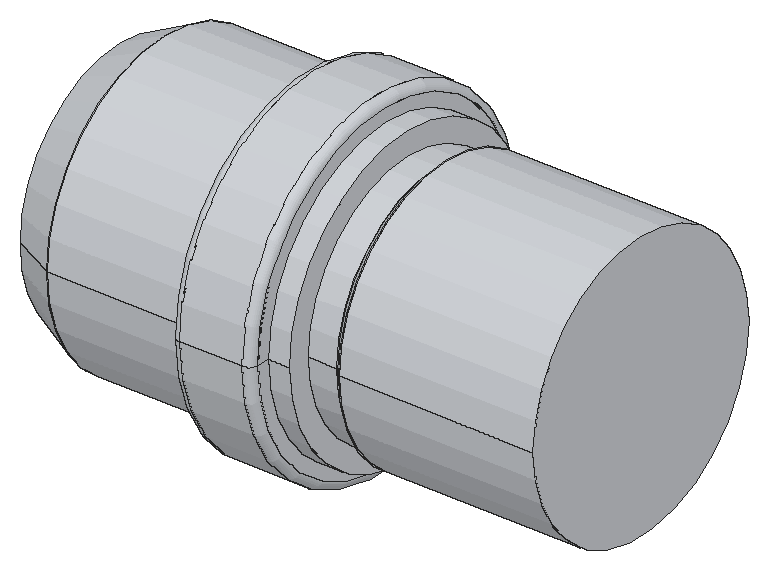
Revit family "RAUPIANO PLUS Adaptor to PVC", category Pipe Fittings, Revit 2012
Parameters (values of type "Standard")
  tmin 1 [instance] = size_lookup("RAUPIANO Pipe.csv", "tmin", 0.32 * Nominal Diameter 1 + 25.4 mm, Nominal Diameter 1)  # 42.3 mm
  t [instance] = 33 mm  # constant formula
  r2 [instance] = d2 / 2  # 21.425 mm
  r1 [instance] = d1 / 2  # 20 mm
  l2min [instance] = size_lookup(Lookup Table Name, "l2min", 0 mm, Nominal Diameter 1, Nominal Diameter 2)  # 31 mm
  l1min [instance] = size_lookup(Lookup Table Name, "l1min", 0 mm, Nominal Diameter 1, Nominal Diameter 2)  # 47 mm
  k [instance] = if(d1 > d2, (d1 - d2) / 2, (d2 - d1) / 2)  # 1.425 mm
  d2 [instance] = size_lookup(Lookup Table Name, "D", 0 mm, Nominal Diameter 1, Nominal Diameter 2)  # 42.85 mm
  d1 [instance] = size_lookup(Lookup Table Name, "d", 0 mm, Nominal Diameter 1, Nominal Diameter 2)  # 40 mm
  bmin 1 [instance] = size_lookup("RAUPIANO Pipe.csv", "bmin", 0.037 * Nominal Diameter 1 + 1.1 mm, Nominal Diameter 1)  # 3.5 mm
  Type Comments = "PVC; Push-fit / Solvent cement; White"  # constant formula
  T4 = "DN 90/82"
  T3 = "DN 75/69"
  T2 = "DN 50/56"
  T1 = "DN 40/43"
  Spec Text [instance] = if(and(D1 = 40 mm, D2 = 43 mm), T1, if(and(D1 = 50 mm, D2 = 56 mm), T2, if(and(D1 = 75 mm, D2 = 69 mm), T3, if(and(D1 = 90 mm, D2 = 82 mm), T4, Fail))))  # "DN 40/43"
  Sleeve Radius 1 [instance] = (Dmax 1 + d1) / 4  # 23.5 mm
  Pressure resistance [instance] = "1 bar (100 kPa, 10m)"  # constant formula
  Nominal Radius 2 [instance] = 21.5 mm
  Nominal Radius 1 [instance] = 20 mm
  Nominal Diameter 2 [instance] = Nominal Radius 2 * 2  # 43 mm
  Nominal Diameter 1 [instance] = Nominal Radius 1 * 2  # 40 mm
  Materialcode SAP [instance] = if(and(D1 = 40 mm, D2 = 43 mm), M1, if(and(D1 = 50 mm, D2 = 56 mm), M2, if(and(D1 = 75 mm, D2 = 69 mm), M3, if(and(D1 = 90 mm, D2 = 82 mm), M4, Fail))))  # "11230091001"
  Manufacturer = "REHAU"  # constant formula
  M4 = "11230171001"
  M3 = "11230161001"
  M2 = "11230121001"
  M1 = "11230091001"
  Lookup Table Name = "RAUPIANO Adaptor to PVC.csv"
  Fail = "No article found"
  Dmax 1 [instance] = size_lookup("RAUPIANO Pipe.csv", "Dmax", 1.15 * Nominal Diameter 1 + 4.2 mm, Nominal Diameter 1)  # 54 mm
  Description = "REHAU RAUPIANO PLUS PVC adaptor"  # constant formula
  D2 [instance] = Nominal Diameter 2  # 43 mm
  D1 [instance] = Nominal Diameter 1  # 40 mm
  Belt Thickness 1 [instance] = Dmax 1 / 2 - Sleeve Radius 1  # 3.5 mm
  Belt Radius 1 [instance] = (Dmax 1 / 2 - Sleeve Radius 1) / 2.5  # 1.4 mm
  Belt Length 1 [instance] = (3 mm / 10 mm) * tmin 1  # 12.69 mm
  BL [instance] = 153 mm  # constant formula
  Article No [instance] = if(and(D1 = 40 mm, D2 = 43 mm), A1, if(and(D1 = 50 mm, D2 = 56 mm), A2, if(and(D1 = 75 mm, D2 = 69 mm), A3, if(and(D1 = 90 mm, D2 = 82 mm), A4, Fail))))  # "123009-001"
  A4 = "123017-001"
  A3 = "123016-001"
  A2 = "123012-001"
  A1 = "123009-001"
Reference planes
  plane 1 "Center (Front/Back)": y = 0
  plane 2: z = 0
  plane 3 "Center (Left/Right)": x = 0
  plane 4: x = -48.425
  plane 5: x = -1.425
  plane 6: x = 31
  plane 7: y = 21.425
  plane 8: y = -21.425
  plane 9: y = 20
  plane 10: y = -20
  plane 11: x = -6.125
  plane 12: x = -51.925
  plane 13: x = -9.625
  plane 14: x = -22.315
  plane 15: x = -44.925
  plane 16: y = 23.5
  plane 17: z = 20
  plane 18: z = -20
  plane 19: z = 21.5
  plane 20: z = -21.5
Forms (mm)
  Extrusion 1, solid, detail levels fine
    sketch origin (-48.425, 2000, 1200) x (0, 1, 0) y (0, 0, 1)
      loop
        circle (-2000, -1200) r 21.425
    from 48.425 to 79.425
  Blend 2, solid, detail levels fine
    base sketch origin (-1.425, 2000, 1200) x (0, 1, 0) y (0, 0, 1)
      loop
        circle (-2000, -1200) r 21.5
    top sketch origin (-1.425, 2000, 1200) x (0, 1, 0) y (0, 0, 1)
      loop
        circle (-2000, -1200) r 20
    from 1.425 to 0
  Extrusion 3, solid, detail levels fine
    sketch origin (0, 0, 0) x (0, 1, 0) y (0, 0, 1)
      loop
        circle (0, 0) r 20
    from -1.425 to -6.125
  Extrusion 4, solid, detail levels fine
    sketch origin (0, 0, 0) x (0, 1, 0) y (0, 0, 1)
      loop
        circle (0, 0) r 23.5
    from -44.925 to -6.125
  Blend 5, solid, detail levels fine
    base sketch origin (0, 0, 0) x (0, 1, 0) y (0, 0, 1)
      loop
        circle (0, 0) r 23.5
    top sketch origin (0, 0, 0) x (0, 1, 0) y (0, 0, 1)
      loop
        circle (0, 0) r 20
    from -44.925 to -51.925
  Revolve 6, solid, detail levels fine
    sketch origin (0, 0, 0) x (1, 0, 0) y (0, 1, 0)
      loop
        line (-22.315, 23.5) -> (-9.625, 23.5) -> (-9.625, 25.6)
        arc (-9.625, 25.6) -> (-10.035, 26.59) -> (-11.025, 27) r 1.4
        line (-11.025, 27) -> (-20.915, 27)
        arc (-20.915, 27) -> (-21.905, 26.59) -> (-22.315, 25.6) r 1.4
        line (-22.315, 25.6) -> (-22.315, 23.5)
      axis (-9.625, 0) -> (-22.315, 0)
    angle from 0 to 360
Lines and regions (mm)
  model lines, detail levels coarse+medium
    curve 1: line (-51.925, 0, 0) -> (31, 0, 0)
    curve 2: line (-51.925, 20, 0) -> (-51.925, -20, 0)
    curve 3: line (31, 21.425, 0) -> (31, -21.425, 0)
  model lines, style "Symbol", detail levels coarse+medium
    curve 4: line (-51.925, 0, 20) -> (-51.925, 0, -20)
    curve 5: line (31, 0, 21.5) -> (31, 0, -21.5)
Dimensions and locks
  "k": plane 5 to plane 3 "Center (Left/Right)"
  "l1min": plane 4 to plane 5
  "l2min": plane 3 "Center (Left/Right)" to plane 6
  "d2": plane 7 to plane 8
  equal spacing: plane 7, plane 1 "Center (Front/Back)", plane 8
  equal spacing: plane 9, plane 1 "Center (Front/Back)", plane 10
  "d1": plane 9 to plane 10
  "bmin 1": plane 13 to plane 11
  "Belt Length 1": plane 14 to plane 13
  equal spacing: plane 12, plane 4, plane 15
  "bmin 1": plane 4 to plane 15
  "Sleeve Radius 1": plane 1 "Center (Front/Back)" to plane 16
  "Belt Thickness 1": Revolve 6 sketch curve to Revolve 6 sketch curve
  "tmin 1": plane 4 to plane 11
  equal spacing: plane 17, level, plane 18
  "Nominal Radius 1": level to plane 18
  equal spacing: plane 19, level, plane 20
  "Nominal Radius 2": plane 19 to level
  "r2": radius of Extrusion 1 sketch curve
  "Nominal Radius 2": radius of Blend 2 sketch curve
  "Nominal Radius 1": radius of Blend 2 sketch curve
  "r1": radius of Extrusion 3 sketch curve
  "Sleeve Radius 1": radius of Extrusion 4 sketch curve
  "Sleeve Radius 1": radius of Blend 5 sketch curve
  "Nominal Radius 1": radius of Blend 5 sketch curve
  "Belt Radius 1": radius of Revolve 6 sketch curve  (x2)
  aligned and locked: level to plane 2
  aligned and locked: plane 1 "Center (Front/Back)" to curve 1
  aligned and locked: plane 6 to curve 1
  aligned and locked: plane 6 to Extrusion 1
  aligned and locked: plane 5 to Extrusion 3
  aligned and locked: Blend 2 to plane 5
  aligned and locked: plane 3 "Center (Left/Right)" to Blend 2
  aligned and locked: Extrusion 1 to plane 3 "Center (Left/Right)"
  aligned and locked: plane 9 to curve 2
  aligned and locked: plane 10 to curve 2
  aligned and locked: plane 7 to curve 3
  aligned and locked: plane 8 to curve 3
  aligned and locked: curve 3 to plane 6
  aligned and locked: Extrusion 3 to plane 11
  aligned and locked: curve 2 to plane 12
  aligned and locked: Blend 5 to plane 12
  aligned and locked: plane 15 to Blend 5
  aligned and locked: Extrusion 4 to plane 15
  aligned and locked: plane 11 to Extrusion 4
  aligned and locked: plane 14 to Revolve 6 sketch curve
  aligned and locked: Revolve 6 sketch curve to plane 16
  aligned and locked: Revolve 6 sketch curve to Revolve 6 sketch curve
  aligned and locked: plane 13 to Revolve 6 sketch curve
  aligned and locked: Revolve 6 sketch curve to plane 1 "Center (Front/Back)"
  aligned and locked: plane 17 to curve 4
  aligned and locked: plane 19 to curve 5
  aligned and locked: curve 5 to plane 6
  aligned and locked: plane 20 to curve 5
  aligned and locked: plane 18 to curve 4
  aligned and locked: curve 4 to plane 12
Automatic sketch dimensions
  Extrusion 1 sketch curve to level = 0 mm
  Extrusion 1 sketch curve to plane 1 "Center (Front/Back)" = 0 mm
  Blend 2 sketch curve to level = 0 mm  (x2)
  Blend 2 sketch curve to plane 1 "Center (Front/Back)" = 0 mm  (x2)
  Extrusion 3 sketch curve to level = 0 mm
  Extrusion 3 sketch curve to plane 1 "Center (Front/Back)" = 0 mm
  Extrusion 4 sketch curve to level = 0 mm
  Extrusion 4 sketch curve to plane 1 "Center (Front/Back)" = 0 mm
  Blend 5 sketch curve to level = 0 mm  (x2)
  Blend 5 sketch curve to plane 1 "Center (Front/Back)" = 0 mm  (x2)
  Revolve 6 sketch curve to plane 12 = 1838.5 mm
  plane 6 to Revolve 6 sketch curve = 1967 mm
Connectors
  piping at (-51.925, 0, 0), driven by "Nominal Radius 1"
    settings: on Blend 5, index 1, connector radius 20 mm, flow factor 0, pipe flow 0.0 L/s, pressure drop 0.0 Pa, fitting loss kfactor 0, connector angle 0.00°, fixture units 0, engagement length 0 mm, flow configuration 0, flow direction 0, fitting loss method 0, system type 28, joint type 0, gender type 0, connector reference index 2, connector utility 0, adjustable connector no, is connector primary yes, fitting loss table "", connector description ""
  piping at (31, 0, 0), driven by "Nominal Radius 2"
    settings: on Extrusion 1, index 2, connector radius 21.5 mm, flow factor 0, pipe flow 0.0 L/s, pressure drop 0.0 Pa, fitting loss kfactor 0, connector angle 0.00°, fixture units 0, engagement length 0 mm, flow configuration 0, flow direction 0, fitting loss method 0, system type 28, joint type 0, gender type 0, connector reference index 1, connector utility 0, adjustable connector no, is connector primary no, fitting loss table "", connector description ""
